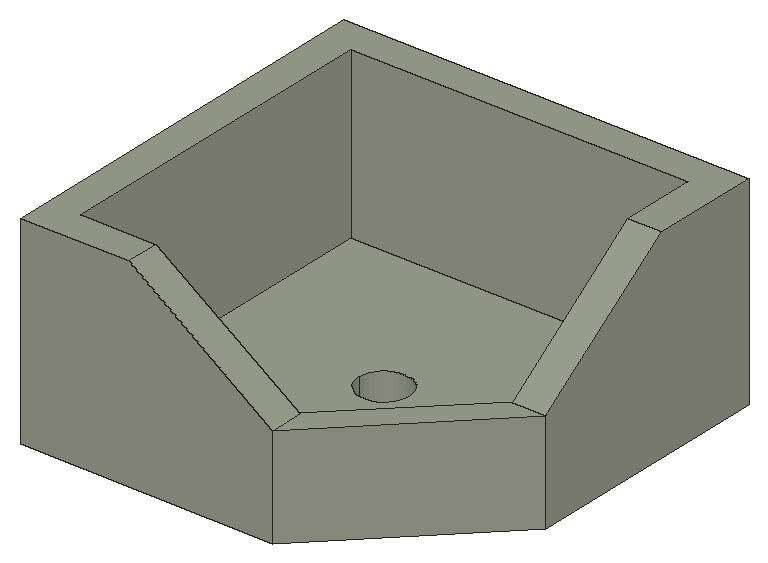
Revit family
Parameters (values of type "TNC-24")
  URL = "http://www.acornengineering.com"
  TF2 - Tiling Flange, Two Sides = yes
  TF1 - Tiling Flange, Right = yes
  TF1 - Tiling Flange, Left = yes
  SSC - Stainless Steel Cap (requires - SH option) = yes
  SH - Standard Height (12") Front Shoulder (TNC Models Only) = yes
  OC - Optional Colors (contact factory) = yes
  Model = "TNC-24"
  Manufacturer = "Acorn Engineering"
  LB - Lint Basket/Strainer = yes
  KWG - Wall Guard (Shipped Loose) = ""
  KMH - Mop Hanger with 3 Grips on a Stainless Steel Bracket = yes
  KH36 - Hose 36" Long with Wall Hanger = yes
  KFC - Faucet, Chrome Finish (H&C) = yes
  KF - Tiling Flange(s) (Shipped Loose) = ""
  KDG3 - Rubber Drain Gasket for 3" Waste Pipe = yes
  Description = "Terrazzo-Ware Mop Sink - Corner Series"
  Default Elevation = 48"
  BDS - Beehive Dome Strainer = yes
Reference planes (in)
  plane 1 "Center (Front/Back)": y = 0
  plane 2: z = 0
  plane 3 "Center (Left/Right)": x = 0
  plane 4: through (0, 0, 47.24409) normal (-0.7071, 0.7071, 0)
  plane 5: through (15, -24, 47.24409) normal (-0.7071, 0.7071, 0)
Forms (in)
  Extrusion 1, solid, material "Terrazo"
    sketch origin (22, 0, 0) x (0, 1, 0) y (0, 0, 1)
      loop
        line (0, 0) -> (0, 12) -> (-6.43111, 12) -> (-15, 6) -> (-15, 0) -> (0, 0)
    from 0 to 2
  Extrusion 2, solid, material "Terrazo"
    sketch origin (0, -22, 0) x (-1, 0, 0) y (0, 0, -1)
      loop
        line (0, 0) -> (-15, 0) -> (-15, -6) -> (-6.43111, -12) -> (0, -12) -> (0, 0)
    from 0 to 2
  Extrusion 3, solid, material "Terrazo"
    sketch origin (0, 0, 0) x (1, 0, 0) y (0, 1, 0)
      loop
        line (0, 0) -> (0, -24) -> (2, -24) -> (2, -2) -> (24, -2) -> (24, 0) -> (0, 0)
    from 0 to 12
  Extrusion 4, solid, material "Terrazo"
    sketch origin (15, -24, 47.24409) x (-0.707107, -0.707107, 0) y (0, 0, 1)
      loop
        line (0, -47.24409) -> (0, -41.24409) -> (-12.72792, -41.24409) -> (-12.72792, -47.24409) -> (0, -47.24409)
    from 0 to 1.48986
  Extrusion 5, solid, material "Terrazo"
    sketch origin (0, 0, 0) x (1, 0, 0) y (0, 1, 0)
      loop
        line (24, 0) -> (0, 0) -> (0, -24) -> (15, -24) -> (24, -15) -> (24, 0)
    from 0 to 2
  Extrusion 6, void
    sketch origin (0, 0, 0) x (1, 0, 0) y (0, 1, 0)
      loop
        circle (12, -12) r 1.5
    from 0 to 2
Cuts and joins
  Extrusion 6 cuts Extrusion 1
  Extrusion 6 cuts Extrusion 2
  Extrusion 6 cuts Extrusion 3
  Extrusion 6 cuts Extrusion 4
  Extrusion 6 cuts Extrusion 5
  joined: Extrusion 1, Extrusion 2, Extrusion 3, Extrusion 4, Extrusion 5
Connectors (in)
  piping at (12, -12, 0)
    settings: on cut or joined group of Extrusion 1, Extrusion 2, Extrusion 3, Extrusion 4, Extrusion 5, Extrusion 6, index 1
